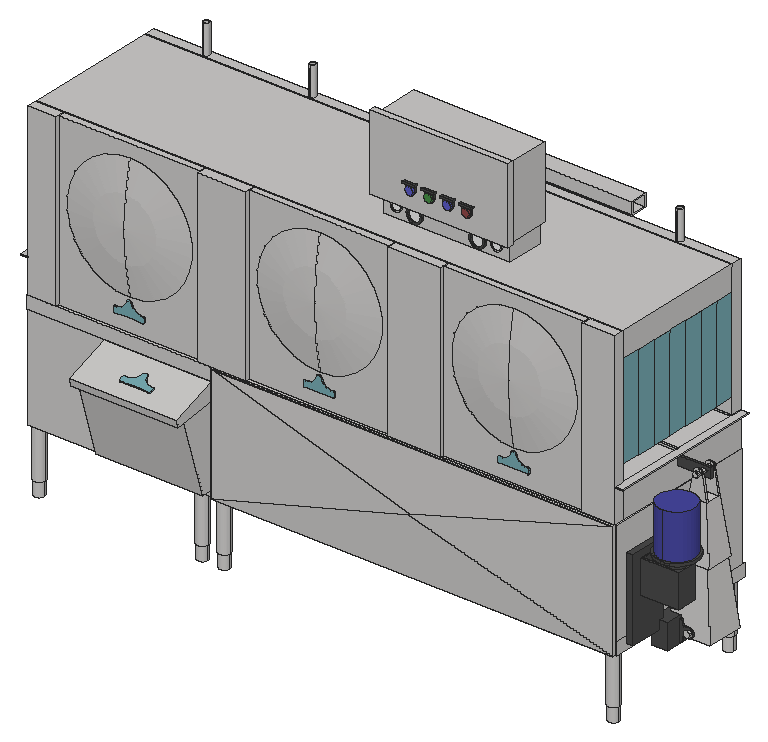
Revit family (continued)
Connectors (in)
  hvac at (-32.17228, -60.5, 59.5), driven by "Exhaust Volume", driven by "Exhaust Vent Depth", driven by "Exhaust Vent Width", driven by "Exhaust Vent Text"
    settings: on cut or joined group of Extrusion 79, Extrusion 93, index 8, duct flow 0 CFM, flow factor 0, pres drop 0.00 in-wg, loss coef 0, conn angle 0.00°, conn width 3 7/8", conn height 24 7/8", conn radius 12", duct sys type 3, conn prof type 1, flow config 0, flow direction 2, loss method 0, conn ref index -1, conn util no, is conn primary yes, conn desc "Vent, Load End"
  piping at (-18.17228, -48.75, 60), driven by "Cold Water Flow"
    settings: on Extrusion 94, index 9, connector radius 3/8", flow factor 0, pipe flow 0.00 GPM, pressure drop 0.00 psi, fitting loss kfactor 0, connector angle 0.00°, fixture units 0, flow configuration 1, flow direction 1, fitting loss method 0, system type 20, connector reference index -1, connector utility 0, adjustable connector no, is connector primary no, fitting loss table "", connector description "Cold Water"
  piping at (-6.17228, -51, 6), driven by "Indirect Waste Flow"
    settings: on Extrusion 89, index 10, connector radius 1", flow factor 0, pipe flow 0.00 GPM, pressure drop 0.00 psi, fitting loss kfactor 0, connector angle 0.00°, fixture units 0, flow configuration 1, flow direction 2, fitting loss method 0, system type 16, connector reference index -1, connector utility 0, adjustable connector no, is connector primary no, fitting loss table "", connector description "Indirect Waste"
Definition of nested family "QF_Stero_ER-94S_L-R_E_EX"
  Parameters (values of type "Nested")
    Watermarked By = "http://revitwatermark.com"
    Ventilation Remarks [instance] = ""
    Type Comments = "⍁⍉⌁⌀⏭⎽⌇⍠⌜⍉⎖⌥⌦⌯⍭⏊⍻⍿⍊⏵⍊⏗⏠⍴⎡⌈⎀⍠⌓⌤⏘⎐⍀⌐⏬⏁⎈⏍⏦⎒⏬⌝⍩⍇⌣〈⎫〉⎁⏊⍥⍖⍥⍝⍦⌖⍀⏌⏭⎝⎼⏷⏞⍻⏯⎽⏷⏞⍻⏯⎽⏷⎺⌻⎝⍎⌧⏷⏟⏿⌿⍜⍦⍤⌁⍬⏶⏎⍊⏚⏉⎞⌡⎀⎪⏈⌟⌿⍾⍼⌟⌿⌢⏮⏝⏝⏛⎽⎻⎷⎳⎻⎗⌾⍼⎴⏿⏰⏑⏮⍮⍺⏼⏅⎏⌽⌻⍽⎝⍮⎧⎯⏛⎼⎮⍾⏬⏇⏎⏳⏦⏠⎧⎳⍷⏿⌏"
    Item Number [instance] = "-"
    Exhaust Volume [instance] = 0 CFM
    Exhaust Vent Width [instance] = 1' - 4"
    Exhaust Vent Depth [instance] = 0' - 4"
    Exhaust Static Press [instance] = 0.00 in-wg
    Exhaust RI Height [instance] = 0' - 0"
    Description = ""
    Assembly Code = ""
  Reference planes (in)
    plane 1 "Center (Back)": y = 0
    plane 2: z = 0
    plane 3 "Center (Left)": x = 0
    plane 4: x = 16
    plane 5: y = -4
  Lines and regions (in)
    symbolic lines, style "QF_Multiple Utilities"
      curve 1: line (0, 0, 0) -> (16, 0, 0)
      curve 2: line (0, -4, 0) -> (0, 0, 0)
      curve 3: line (16, -4, 0) -> (0, -4, 0)
      curve 4: line (16, 0, 0) -> (16, -4, 0)
      curve 5: line (16, 0, 0) -> (0, -4, 0)
      curve 6: line (0, 0, 0) -> (16, -4, 0)
  Dimensions and locks (in)
    "Exhaust Vent Width": plane 3 "Center (Left)" to plane 4
    "Exhaust Vent Depth": plane 1 "Center (Back)" to plane 5
    aligned and locked: level to plane 2
    aligned and locked: plane 1 "Center (Back)" to curve 1
    aligned and locked: plane 3 "Center (Left)" to curve 2
    aligned and locked: curve 3 to plane 5
    aligned and locked: curve 4 to plane 4
Definition of nested family "QF_Stero_ER-94S_L-R_E_HW2"
  Parameters (values of type "Nested")
    Watermarked By = "http://revitwatermark.com"
    Type Comments = "⍁⍉⌁⌀⏭⎽⌇⍠⌜⍉⎖⌥⌦⌯⍭⏊⍻⍿⍊⏵⍊⏗⏠⍴⎡⌈⎀⍠⌓⌤⏘⎐⍀⌐⏬⏁⎈⏍⏦⎒⏬⌝⍩⍇⌣〈⎫〉⎁⏊⍥⍖⍥⍝⍦⌖⍀⏌⏭⎝⎼⏷⏞⍻⏯⎽⏷⏞⍻⏯⎽⏷⎺⌻⎝⍎⌧⏷⏟⏿⌿⍜⍦⍤⌁⍬⏶⏎⍊⏚⏉⎞⌡⎀⎪⏈⌟⌿⍾⍼⌟⌿⌢⏮⏝⏝⏛⎽⎻⎷⎳⎻⎗⌾⍼⎴⏿⏰⏑⏮⍮⍺⏼⏅⎏⌽⌻⍽⎝⍮⎧⎯⏛⎼⎮⍾⏬⏇⏎⏳⏦⏠⎧⎳⍷⏿⌏"
    Plumbing Remarks [instance] = ""
    Item Number [instance] = "-"
    Hot Water Temperature [instance] = 0 °F
    Hot Water Size [instance] = 1/4"
    Hot Water RI Height [instance] = 0' - 0"
    Hot Water Minimum Pressure [instance] = 0.00 psi
    Hot Water Maximum Pressure [instance] = 0.00 psi
    Hot Water Flow [instance] = 0.00 GPM
    Hot Water Consumption [instance] = 0.00 GPM
    Hot Water Connection Height [instance] = 0' - 0"
    Description = ""
    Hot Water Size Radius [instance] = Hot Water Size / 2  # 1/8"
    Assembly Code = ""
  Reference planes (in)
    plane 1 "Center (Back)": y = 0
    plane 2: z = 0
    plane 3 "Center (Left)": x = 0
  Lines and regions (in)
    symbolic lines, style "QF_Multiple Utilities"
      curve 1: circle (0, 0, 0) r 0.125 normal (0, 0, 1)
  Dimensions and locks (in)
    "Hot Water Size Radius": radius of curve 1
    aligned and locked: level to plane 2
  Automatic sketch dimensions
    plane 1 "Center (Back)" to curve 1 = 0' - 0"
    curve 1 to plane 3 "Center (Left)" = 0' - 0"
Types (3): name | Watermarked By | Volts | FL Amps | Exhaust Vent Text | Apparent Power
  (no name) | "" | 208 V | 87.4 A | "Vent, Load End" | 31450 VA
  208/60/3 | "http://revitwatermark.com" | 208 V | 87.4 A | "Vent, Load End" | 31450 VA
  480/60/3 | "" | 480 V | 39.6 A | "" | 32883.8 VA
